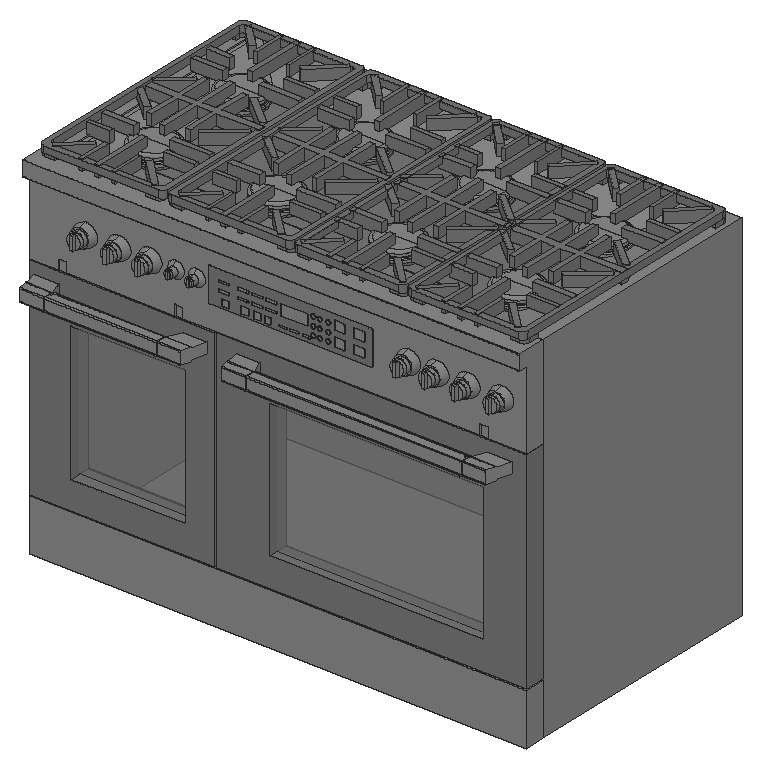
Revit family "DOP48M96D_Revit", category Specialty Equipment, Revit 2014 (continued)
Forms (in)
  Extrusion 41, solid, material "Stainless Steel" <- "Handle"
    sketch origin (-20.25, 0, 0) x (0, 1, 0) y (0, 0, -1)
      loop
        arc (-15.41892, -26.3408) -> (-15.39899, -26.32755) -> (-15.37548, -26.32305) r 0.06061
        line (-15.37548, -26.32305) -> (-15.14353, -26.19973)
        arc (-15.14353, -26.19973) -> (-14.91091, -25.83314) -> (-15.1067, -25.44563) r 0.43946
        line (-15.1067, -25.44563) -> (-15.37547, -25.26711)
        arc (-15.37547, -25.26711) -> (-15.39975, -25.26442) -> (-15.42044, -25.25144) r 0.05475
        line (-15.42044, -25.25144) -> (-15.47855, -25.19334)
        arc (-15.47855, -25.19334) -> (-15.5023, -25.17747) -> (-15.53032, -25.1719) r 0.07322
        line (-15.53032, -25.1719) -> (-16.42838, -25.1719)
        arc (-16.42838, -25.1719) -> (-16.47902, -25.19288) -> (-16.5, -25.24352) r 0.07162
        line (-16.5, -25.24352) -> (-16.5, -26.34725)
        arc (-16.5, -26.34725) -> (-16.47815, -26.4) -> (-16.4254, -26.42185) r 0.0746
        line (-16.4254, -26.42185) -> (-15.53529, -26.42185)
    from -10.44711 to 0.44711
  Extrusion 42, solid, material "Plastic-Black" <- "Door"
    sketch origin (0, 0, 0) x (1, 0, 0) y (0, 0, 1)
      loop
        line (-24, 27.42187) -> (-24, 7.10914) -> (-6.125, 7.10914) -> (-6.125, 27.42187) -> (-24, 27.42187)
      loop
        line (24, 7.10914) -> (24, 27.42187) -> (-6, 27.42187) -> (-6, 7.10914) -> (24, 7.10914)
      loop
        line (-0.88482, 23.12749) -> (-0.88482, 9.87749) -> (19.83246, 9.87749) -> (19.83246, 23.12749) -> (-0.88482, 23.12749)
      loop
        line (-20.04254, 23.12749) -> (-20.04254, 9.79033) -> (-8.99618, 9.79033) -> (-8.99618, 23.12749) -> (-20.04254, 23.12749)
    from 14 to 12
  Extrusion 43, solid, material "Stainless Steel" <- "Adjustment"
    sketch origin (-2.375, 0, -0.625) x (1, 0, 0) y (0, 0, 1)
      loop
        line (14.85979, 32.78048) -> (14.85979, 31.48023) -> (15.16074, 31.48023) -> (15.16074, 32.78048) -> (14.85979, 32.78048)
    from 15.76036 to 15.47236
  Revolve 44, solid, material "Stainless Steel" <- "Adjustment"
    sketch origin (12.625, 0, -0.625) x (0, 1, 0) y (0, 0, 1)
      loop
        line (-14, 33.20096) -> (-14.75, 33) -> (-14.75, 32.86263) -> (-15.13851, 32.86263) -> (-15.13851, 32.79538) -> (-15.47236, 32.79538) -> (-15.47236, 32.12798) -> (-14, 32.12798) -> (-14, 33.20096)
      axis (-15.47236, 32.12798) -> (-14, 32.12798)
    angle from 0 to 360
  Revolve 45, solid, material "Stainless Steel" <- "Adjustment"
    sketch origin (-9.875, 0, 0) x (0, 1, 0) y (0, 0, 1)
      loop
        line (-14.02195, 32.33059) -> (-14.38428, 31.96826) -> (-14.875, 31.96826) -> (-14.875, 31.89977) -> (-15.04207, 31.89977) -> (-15.04207, 31.55664) -> (-14.02195, 31.55664) -> (-14.02195, 32.33059)
      axis (-15.04207, 31.55664) -> (-14.02195, 31.55664)
    angle from 0 to 360
  Extrusion 46, solid, material "Stainless Steel" <- "Adjustment"
    sketch origin (0, 0, 0) x (1, 0, 0) y (0, 0, 1)
      loop
        line (-9.94876, 31.87829) -> (-9.94876, 31.21591) -> (-9.80432, 31.21591) -> (-9.80432, 31.87829) -> (-9.94876, 31.87829)
    from 14.95987 to 15.13851
  Revolve 47, solid, material "Stainless Steel" <- "Adjustment"
    sketch origin (-7.875, 0, 0) x (0, 1, 0) y (0, 0, 1)
      loop
        line (-14.02195, 32.33059) -> (-14.38428, 31.96826) -> (-14.875, 31.96826) -> (-14.875, 31.89977) -> (-15.04207, 31.89977) -> (-15.04207, 31.55664) -> (-14.02195, 31.55664) -> (-14.02195, 32.33059)
      axis (-15.04207, 31.55664) -> (-14.02195, 31.55664)
    angle from 0 to 360
  Extrusion 48, solid, material "Stainless Steel" <- "Adjustment"
    sketch origin (2, 0, 0) x (1, 0, 0) y (0, 0, 1)
      loop
        line (-9.94876, 31.87829) -> (-9.94876, 31.21591) -> (-9.80432, 31.21591) -> (-9.80432, 31.87829) -> (-9.94876, 31.87829)
    from 14.95987 to 15.13851
  Revolve 49, solid, material "Stainless Steel" <- "Gas Burner"
    sketch origin (-8.625, -6.625, -1.375) x (1, 0, 0) y (0, 0, 1)
      loop
        line (-9.25, 35.76944) -> (-9.25, 38.03125) -> (-11.25, 38.03125)
        arc (-11.25, 38.03125) -> (-11.42678, 37.95803) -> (-11.5, 37.78125) r 0.25
        line (-11.5, 37.78125) -> (-11.5, 37.53125) -> (-11.37023, 37.40148)
        arc (-11.37023, 37.40148) -> (-11.35076, 37.35447) -> (-11.37023, 37.30747) r 0.06647
        line (-11.37023, 37.30747) -> (-11.5, 37.1777) -> (-11.5, 36.94183)
        arc (-11.5, 36.94183) -> (-11.44834, 36.78964) -> (-11.3147, 36.70035) r 0.25
        line (-11.3147, 36.70035) -> (-10.77556, 36.55589) -> (-10.3215, 35.76944) -> (-9.25, 35.76944)
      axis (-9.25, 35.76944) -> (-9.25, 38.03125)
    angle from 0 to 360
  Revolve 50, solid, material "Stainless Steel" <- "Gas Burner"
    sketch origin (-8.625, 3.875, -1.375) x (1, 0, 0) y (0, 0, -1)
      loop
        line (-9.25, -35.76944) -> (-10.3215, -35.76944) -> (-10.77556, -36.55589) -> (-11.3147, -36.70035)
        arc (-11.3147, -36.70035) -> (-11.44834, -36.78964) -> (-11.5, -36.94183) r 0.25
        line (-11.5, -36.94183) -> (-11.5, -37.1777) -> (-11.37023, -37.30747)
        arc (-11.37023, -37.30747) -> (-11.35076, -37.35447) -> (-11.37023, -37.40148) r 0.06647
        line (-11.37023, -37.40148) -> (-11.5, -37.53125) -> (-11.5, -37.78125)
        arc (-11.5, -37.78125) -> (-11.42678, -37.95803) -> (-11.25, -38.03125) r 0.25
        line (-11.25, -38.03125) -> (-9.25, -38.03125) -> (-9.25, -35.76944)
      axis (-9.25, -35.76944) -> (-9.25, -38.03125)
    angle from 0 to 360
  Revolve 51, solid, material "Stainless Steel" <- "Gas Burner"
    sketch origin (-3.5, -6.625, -1.375) x (-1, 0, 0) y (0, 0, -1)
      loop
        line (-9.25, -35.76944) -> (-10.3215, -35.76944) -> (-10.77556, -36.55589) -> (-11.3147, -36.70035)
        arc (-11.3147, -36.70035) -> (-11.44834, -36.78964) -> (-11.5, -36.94183) r 0.25
        line (-11.5, -36.94183) -> (-11.5, -37.1777) -> (-11.37023, -37.30747)
        arc (-11.37023, -37.30747) -> (-11.35076, -37.35447) -> (-11.37023, -37.40148) r 0.06647
        line (-11.37023, -37.40148) -> (-11.5, -37.53125) -> (-11.5, -37.78125)
        arc (-11.5, -37.78125) -> (-11.42678, -37.95803) -> (-11.25, -38.03125) r 0.25
        line (-11.25, -38.03125) -> (-9.25, -38.03125) -> (-9.25, -35.76944)
      axis (-9.25, -35.76944) -> (-9.25, -38.03125)
    angle from 0 to 360
  Revolve 52, solid, material "Stainless Steel" <- "Gas Burner"
    sketch origin (-3.5, 3.875, -1.375) x (-1, 0, 0) y (0, 0, 1)
      loop
        line (-9.25, 35.76944) -> (-9.25, 38.03125) -> (-11.25, 38.03125)
        arc (-11.25, 38.03125) -> (-11.42678, 37.95803) -> (-11.5, 37.78125) r 0.25
        line (-11.5, 37.78125) -> (-11.5, 37.53125) -> (-11.37023, 37.40148)
        arc (-11.37023, 37.40148) -> (-11.35076, 37.35447) -> (-11.37023, 37.30747) r 0.06647
        line (-11.37023, 37.30747) -> (-11.5, 37.1777) -> (-11.5, 36.94183)
        arc (-11.5, 36.94183) -> (-11.44834, 36.78964) -> (-11.3147, 36.70035) r 0.25
        line (-11.3147, 36.70035) -> (-10.77556, 36.55589) -> (-10.3215, 35.76944) -> (-9.25, 35.76944)
      axis (-9.25, 35.76944) -> (-9.25, 38.03125)
    angle from 0 to 360
  Revolve 53, solid, material "Stainless Steel" <- "Gas Burner"
    sketch origin (-15.25, -6.625, -1.375) x (-1, 0, 0) y (0, 0, -1)
      loop
        line (-9.25, -35.76944) -> (-10.3215, -35.76944) -> (-10.77556, -36.55589) -> (-11.3147, -36.70035)
        arc (-11.3147, -36.70035) -> (-11.44834, -36.78964) -> (-11.5, -36.94183) r 0.25
        line (-11.5, -36.94183) -> (-11.5, -37.1777) -> (-11.37023, -37.30747)
        arc (-11.37023, -37.30747) -> (-11.35076, -37.35447) -> (-11.37023, -37.40148) r 0.06647
        line (-11.37023, -37.40148) -> (-11.5, -37.53125) -> (-11.5, -37.78125)
        arc (-11.5, -37.78125) -> (-11.42678, -37.95803) -> (-11.25, -38.03125) r 0.25
        line (-11.25, -38.03125) -> (-9.25, -38.03125) -> (-9.25, -35.76944)
      axis (-9.25, -35.76944) -> (-9.25, -38.03125)
    angle from 0 to 360
  Revolve 54, solid, material "Stainless Steel" <- "Gas Burner"
    sketch origin (-15.25, 3.875, -1.375) x (-1, 0, 0) y (0, 0, 1)
      loop
        line (-9.25, 35.76944) -> (-9.25, 38.03125) -> (-11.25, 38.03125)
        arc (-11.25, 38.03125) -> (-11.42678, 37.95803) -> (-11.5, 37.78125) r 0.25
        line (-11.5, 37.78125) -> (-11.5, 37.53125) -> (-11.37023, 37.40148)
        arc (-11.37023, 37.40148) -> (-11.35076, 37.35447) -> (-11.37023, 37.30747) r 0.06647
        line (-11.37023, 37.30747) -> (-11.5, 37.1777) -> (-11.5, 36.94183)
        arc (-11.5, 36.94183) -> (-11.44834, 36.78964) -> (-11.3147, 36.70035) r 0.25
        line (-11.3147, 36.70035) -> (-10.77556, 36.55589) -> (-10.3215, 35.76944) -> (-9.25, 35.76944)
      axis (-9.25, 35.76944) -> (-9.25, 38.03125)
    angle from 0 to 360
  Revolve 55, solid, material "Stainless Steel" <- "Gas Burner"
    sketch origin (8, -6.625, -1.375) x (-1, 0, 0) y (0, 0, -1)
      loop
        line (-9.25, -35.76944) -> (-10.3215, -35.76944) -> (-10.77556, -36.55589) -> (-11.3147, -36.70035)
        arc (-11.3147, -36.70035) -> (-11.44834, -36.78964) -> (-11.5, -36.94183) r 0.25
        line (-11.5, -36.94183) -> (-11.5, -37.1777) -> (-11.37023, -37.30747)
        arc (-11.37023, -37.30747) -> (-11.35076, -37.35447) -> (-11.37023, -37.40148) r 0.06647
        line (-11.37023, -37.40148) -> (-11.5, -37.53125) -> (-11.5, -37.78125)
        arc (-11.5, -37.78125) -> (-11.42678, -37.95803) -> (-11.25, -38.03125) r 0.25
        line (-11.25, -38.03125) -> (-9.25, -38.03125) -> (-9.25, -35.76944)
      axis (-9.25, -35.76944) -> (-9.25, -38.03125)
    angle from 0 to 360
  Revolve 56, solid, material "Stainless Steel" <- "Gas Burner"
    sketch origin (8, 3.875, -1.375) x (-1, 0, 0) y (0, 0, 1)
      loop
        line (-9.25, 35.76944) -> (-9.25, 38.03125) -> (-11.25, 38.03125)
        arc (-11.25, 38.03125) -> (-11.42678, 37.95803) -> (-11.5, 37.78125) r 0.25
        line (-11.5, 37.78125) -> (-11.5, 37.53125) -> (-11.37023, 37.40148)
        arc (-11.37023, 37.40148) -> (-11.35076, 37.35447) -> (-11.37023, 37.30747) r 0.06647
        line (-11.37023, 37.30747) -> (-11.5, 37.1777) -> (-11.5, 36.94183)
        arc (-11.5, 36.94183) -> (-11.44834, 36.78964) -> (-11.3147, 36.70035) r 0.25
        line (-11.3147, 36.70035) -> (-10.77556, 36.55589) -> (-10.3215, 35.76944) -> (-9.25, 35.76944)
      axis (-9.25, 35.76944) -> (-9.25, 38.03125)
    angle from 0 to 360
Cuts and joins
  joined: Extrusion 1, Extrusion 18, Extrusion 29
  Blend 24 cuts Blend 23
  Blend 24 cuts Extrusion 25
  Blend 24 cuts Extrusion 27
  Blend 24 cuts Extrusion 28
  Extrusion 33, Extrusion 38, Extrusion 40 cuts Extrusion 2
  Extrusion 33, Extrusion 38 cuts Extrusion 32
  Extrusion 33, Extrusion 38, Extrusion 40 cuts Extrusion 36
  Extrusion 35, Extrusion 40 cuts Extrusion 34
  Extrusion 38 cuts Extrusion 37
  Extrusion 38 cuts Extrusion 41
  Extrusion 40 cuts Extrusion 39
Dimensions and locks (in)
  equal spacing: plane 6, plane 3 "Center (Left/Right)", plane 7
  "Width": plane 6 to plane 7
  equal spacing: plane 4, plane 1 "Center (Front/Back)", plane 5
  "Depth": plane 4 to plane 5
  "Height": plane 8 to plane 2
  plane 5 to plane 4 = 24"
  plane 9 to plane 4 = 26"
  plane 11 to plane 4 = 26 7/8"
  plane 12 to plane 4 = 28 1/2"
  locked: plane 13 to plane 8 at 1.0625
  locked: plane 8 to plane 14 at 1.5
  Extrusion 2 sketch curve to Extrusion 2 sketch curve = 9"
  aligned and locked: level to plane 2
  aligned and locked: plane 4 to Extrusion 1
  aligned and locked: Extrusion 1 to plane 5
  aligned and locked: Extrusion 2 to plane 6
  aligned and locked: plane 7 to Extrusion 2
  aligned and locked: Extrusion 27 to Extrusion 26
Automatic sketch dimensions
  Extrusion 1 sketch curve to plane 6 = 0"
  Extrusion 1 sketch curve to plane 8 = 0"  (x2)
  Extrusion 1 sketch curve to plane 7 = 0"
  Extrusion 1 sketch curve to plane 10 = 0"
  plane 6 to Extrusion 1 sketch curve = 0.54402"
  Extrusion 1 sketch curve to plane 7 = 0.33098"
  plane 10 to Extrusion 1 sketch curve = 0.38848"
  Extrusion 2 sketch curve to plane 11 = 0"
  Extrusion 2 sketch curve to plane 8 = 0"
  Extrusion 2 sketch curve to plane 14 = 0"
  Extrusion 2 sketch curve to plane 9 = 0"  (x2)
  Extrusion 2 sketch curve to plane 5 = 0"  (x2)
  plane 11 to Extrusion 2 sketch curve = 0.03053"
  Extrusion 2 sketch curve to Extrusion 2 sketch curve = 1/32"  (x2)
  plane 10 to Extrusion 2 sketch curve = 4.96852"
  Extrusion 2 sketch curve to plane 10 = 0.03148"
  plane 6 to Extrusion 3 sketch curve = 3.95746"
  Extrusion 3 sketch curve to plane 3 "Center (Left/Right)" = 8.99618"
  Extrusion 3 sketch curve to plane 3 "Center (Left/Right)" = 0.88482"
  Extrusion 3 sketch curve to plane 7 = 4.16754"
  plane 10 to Extrusion 3 sketch curve = 7.87749"  (x2)
  Extrusion 3 sketch curve to plane 14 = 11.87251"
  Extrusion 3 sketch curve to Extrusion 3 sketch curve = 0"
  Revolve 4 sketch curve to plane 10 = 0"
  Revolve 4 sketch curve to level = 0"
  plane 5 to Revolve 4 sketch curve = 1 3/4"
  level to Revolve 4 sketch curve = 0.64613"
  Revolve 4 sketch curve to Revolve 4 sketch curve = 0.10387"  (x2)
  Revolve 4 sketch curve to Revolve 4 sketch curve = 0.04885"
  Revolve 4 sketch curve to Revolve 4 sketch curve = 0.71521"
  level to Revolve 4 sketch curve = 0.08461"
  Revolve 4 sketch curve to Revolve 4 sketch curve = 0.61135"
  Revolve 4 sketch curve to Revolve 4 sketch curve = 0.35387"
  Revolve 4 sketch curve to plane 10 = 0.38394"
  plane 10 to Revolve 5 sketch curve = 0.02133"
  plane 5 to Revolve 5 sketch curve = 1.75446"
  level to Revolve 5 sketch curve = 0.66746"
  Revolve 5 sketch curve to Revolve 5 sketch curve = 0.10387"  (x2)
  level to Revolve 5 sketch curve = 0.02133"
  Revolve 5 sketch curve to Revolve 5 sketch curve = 0.04885"
  Revolve 5 sketch curve to Revolve 5 sketch curve = 0.71521"
  Revolve 5 sketch curve to Revolve 5 sketch curve = 0.08461"
  Revolve 5 sketch curve to Revolve 5 sketch curve = 0.61135"
  Revolve 5 sketch curve to plane 10 = 0.36261"
  Revolve 5 sketch curve to Revolve 5 sketch curve = 0.61606"
  Revolve 6 sketch curve to plane 10 = 0"
  Revolve 6 sketch curve to level = 0"
  Revolve 6 sketch curve to plane 4 = 1 3/4"
  level to Revolve 6 sketch curve = 0.64613"
  Revolve 6 sketch curve to Revolve 6 sketch curve = 0.10387"  (x2)
  Revolve 6 sketch curve to Revolve 6 sketch curve = 0.04885"
  Revolve 6 sketch curve to Revolve 6 sketch curve = 0.71521"
  level to Revolve 6 sketch curve = 0.08461"
  Revolve 6 sketch curve to Revolve 6 sketch curve = 0.61135"
  Revolve 6 sketch curve to plane 10 = 0.38394"
  Revolve 6 sketch curve to Revolve 6 sketch curve = 0.61606"
  plane 10 to Revolve 7 sketch curve = 0.02133"
  Revolve 7 sketch curve to plane 4 = 1.74554"
  level to Revolve 7 sketch curve = 0.66746"
  Revolve 7 sketch curve to Revolve 7 sketch curve = 0.10387"  (x2)
  level to Revolve 7 sketch curve = 0.02133"
  Revolve 7 sketch curve to Revolve 7 sketch curve = 0.04885"
  Revolve 7 sketch curve to Revolve 7 sketch curve = 0.71521"
  Revolve 7 sketch curve to Revolve 7 sketch curve = 0.08461"
  Revolve 7 sketch curve to Revolve 7 sketch curve = 0.61135"
  Revolve 7 sketch curve to Revolve 7 sketch curve = 0.35387"
  Revolve 7 sketch curve to plane 10 = 0.36261"
  Revolve 8 sketch curve to plane 9 = 0"
  plane 11 to Revolve 8 sketch curve = 1/8"
  Revolve 8 sketch curve to plane 11 = 0.26351"
  Revolve 8 sketch curve to Revolve 8 sketch curve = 0.33385"
  Revolve 8 sketch curve to plane 14 = 3.49702"
  Revolve 8 sketch curve to Revolve 8 sketch curve = 0.6674"
  Revolve 8 sketch curve to Revolve 8 sketch curve = 0.06726"
  Revolve 8 sketch curve to Revolve 8 sketch curve = 0.13737"
  Revolve 8 sketch curve to Revolve 8 sketch curve = 0.20096"
  Revolve 8 sketch curve to plane 9 = 1/4"
  Revolve 8 sketch curve to plane 11 = 1/8"
  Revolve 8 sketch curve to Revolve 8 sketch curve = 0"
  Extrusion 9 sketch curve to plane 14 = 4.14477"
  Extrusion 9 sketch curve to plane 7 = 8.76521"
  Extrusion 9 sketch curve to Extrusion 9 sketch curve = 0.30095"
  Extrusion 9 sketch curve to Extrusion 9 sketch curve = 1.30026"
  Revolve 10 sketch curve to plane 9 = 0"
  plane 11 to Revolve 10 sketch curve = 1/8"
  Revolve 10 sketch curve to plane 11 = 0.26351"
  Revolve 10 sketch curve to Revolve 10 sketch curve = 0.33385"
  Revolve 10 sketch curve to plane 14 = 3.49702"
  Revolve 10 sketch curve to Revolve 10 sketch curve = 0.6674"
  Revolve 10 sketch curve to Revolve 10 sketch curve = 0.06726"
  Revolve 10 sketch curve to Revolve 10 sketch curve = 0.13737"
  Revolve 10 sketch curve to Revolve 10 sketch curve = 0.20096"
  Revolve 10 sketch curve to plane 9 = 1/4"
  Revolve 10 sketch curve to plane 11 = 1/8"
  Revolve 10 sketch curve to Revolve 10 sketch curve = 0"
  Extrusion 11 sketch curve to plane 7 = 5.82771"
  Extrusion 11 sketch curve to Extrusion 11 sketch curve = 0.30095"
  Extrusion 11 sketch curve to plane 14 = 4.14477"
  Extrusion 11 sketch curve to Extrusion 11 sketch curve = 1.30026"
  Revolve 12 sketch curve to plane 9 = 0"
  plane 11 to Revolve 12 sketch curve = 1/8"
  Revolve 12 sketch curve to plane 11 = 0.26351"
  Revolve 12 sketch curve to Revolve 12 sketch curve = 0.33385"
  Revolve 12 sketch curve to plane 14 = 2.42404"
  Revolve 12 sketch curve to Revolve 12 sketch curve = 0.20096"
  Revolve 12 sketch curve to Revolve 12 sketch curve = 0.13737"
  Revolve 12 sketch curve to Revolve 12 sketch curve = 0.06726"
  Revolve 12 sketch curve to Revolve 12 sketch curve = 0.6674"
  Revolve 12 sketch curve to Revolve 12 sketch curve = 1/4"
  Revolve 12 sketch curve to plane 11 = 1/8"
  Revolve 12 sketch curve to Revolve 12 sketch curve = 0"
  plane 14 to Extrusion 13 sketch curve = 4.14477"
  Extrusion 13 sketch curve to plane 6 = 11.79646"
  Extrusion 13 sketch curve to Extrusion 13 sketch curve = 0.30095"
  Extrusion 13 sketch curve to Extrusion 13 sketch curve = 1.30026"
  Revolve 14 sketch curve to plane 9 = 0"
  plane 11 to Revolve 14 sketch curve = 1/8"
  Revolve 14 sketch curve to plane 11 = 0.26351"
  Revolve 14 sketch curve to Revolve 14 sketch curve = 0.33385"
  Revolve 14 sketch curve to plane 14 = 2.42404"
  Revolve 14 sketch curve to Revolve 14 sketch curve = 0.20096"
  Revolve 14 sketch curve to Revolve 14 sketch curve = 0.13737"
  Revolve 14 sketch curve to Revolve 14 sketch curve = 0.06726"
  Revolve 14 sketch curve to Revolve 14 sketch curve = 0.6674"
  Revolve 14 sketch curve to Revolve 14 sketch curve = 1/4"
  Revolve 14 sketch curve to plane 11 = 1/8"
  Revolve 14 sketch curve to Revolve 14 sketch curve = 0"
  plane 14 to Extrusion 15 sketch curve = 4.14477"
  Extrusion 15 sketch curve to plane 6 = 8.76521"
  Extrusion 15 sketch curve to Extrusion 15 sketch curve = 0.30095"
  Extrusion 15 sketch curve to Extrusion 15 sketch curve = 1.30026"
  Extrusion 16 sketch curve to plane 3 "Center (Left/Right)" = 6.76654"
  Extrusion 16 sketch curve to Extrusion 16 sketch curve = 0.20684"  (x17)
  Extrusion 16 sketch curve to Extrusion 16 sketch curve = 0.78686"
  Extrusion 16 sketch curve to Extrusion 16 sketch curve = 0"  (x19)
  Extrusion 16 sketch curve to Extrusion 16 sketch curve = 1.11799"
  Extrusion 16 sketch curve to Extrusion 16 sketch curve = 0.70305"  (x3)
  Extrusion 16 sketch curve to Extrusion 16 sketch curve = 0.82735"  (x7)
  Extrusion 16 sketch curve to Extrusion 16 sketch curve = 1.15849"
  Extrusion 16 sketch curve to Extrusion 16 sketch curve = 1.03419"  (x4)
  Extrusion 16 sketch curve to Extrusion 16 sketch curve = 0.3413"  (x2)
  Extrusion 16 sketch curve to Extrusion 16 sketch curve = 0.53819"
  Extrusion 16 sketch curve to Extrusion 16 sketch curve = 0.6368"
  Extrusion 16 sketch curve to Extrusion 16 sketch curve = 0.23614"
  Extrusion 16 sketch curve to Extrusion 16 sketch curve = 0.40755"
  Extrusion 16 sketch curve to Extrusion 16 sketch curve = 0.30337"  (x2)
  Extrusion 16 sketch curve to Extrusion 16 sketch curve = 0.58586"
  Extrusion 16 sketch curve to plane 3 "Center (Left/Right)" = 0.14373"  (x2)
  plane 3 "Center (Left/Right)" to Extrusion 16 sketch curve = 0.0114"
  plane 3 "Center (Left/Right)" to Extrusion 16 sketch curve = 0.27704"
  Extrusion 16 sketch curve to Extrusion 16 sketch curve = 0.84826"
  Extrusion 16 sketch curve to Extrusion 16 sketch curve = 0.26891"
  Extrusion 16 sketch curve to Extrusion 16 sketch curve = 0.81954"
  Extrusion 16 sketch curve to Extrusion 16 sketch curve = 0.44299"
  Extrusion 16 sketch curve to Extrusion 16 sketch curve = 0.43285"
  Extrusion 16 sketch curve to Extrusion 16 sketch curve = 0.73094"
  Extrusion 16 sketch curve to Extrusion 16 sketch curve = 0.56388"  (x2)
  Extrusion 16 sketch curve to Extrusion 16 sketch curve = 0.2658"
  Extrusion 16 sketch curve to Extrusion 16 sketch curve = 0.62051"  (x6)
  Extrusion 16 sketch curve to Extrusion 16 sketch curve = 0.5899"  (x2)
  Extrusion 16 sketch curve to Extrusion 16 sketch curve = 0.63182"  (x2)
  Extrusion 16 sketch curve to plane 14 = 5.22963"
  Extrusion 16 sketch curve to Extrusion 16 sketch curve = 0.00591"
  Extrusion 16 sketch curve to Extrusion 16 sketch curve = 0.14617"  (x2)
  Extrusion 16 sketch curve to Extrusion 16 sketch curve = 0.15505"  (x3)
  Extrusion 16 sketch curve to Extrusion 16 sketch curve = 0.2953"
  Extrusion 16 sketch curve to Extrusion 16 sketch curve = 0.61133"  (x3)
  Extrusion 16 sketch curve to Extrusion 16 sketch curve = 0.51961"  (x3)
  Extrusion 16 sketch curve to Extrusion 16 sketch curve = 0.82973"  (x2)
  Extrusion 16 sketch curve to Extrusion 16 sketch curve = 0.60219"  (x2)
  Extrusion 16 sketch curve to Extrusion 16 sketch curve = 0.432"
  Extrusion 16 sketch curve to Extrusion 16 sketch curve = 0.34117"
  Extrusion 17 sketch curve to Extrusion 16 = 0"  (x72)
  Extrusion 16 to Extrusion 17 sketch curve = 0"  (x8)
  Extrusion 18 sketch curve to Extrusion 1 = 0"  (x4)
  Revolve 19 sketch curve to plane 9 = 0"
  plane 11 to Revolve 19 sketch curve = 1/8"
  Revolve 19 sketch curve to plane 11 = 0.26351"
  Revolve 19 sketch curve to Revolve 19 sketch curve = 0.33385"
  Revolve 19 sketch curve to plane 14 = 3.49702"
  Revolve 19 sketch curve to Revolve 19 sketch curve = 0.6674"
  Revolve 19 sketch curve to Revolve 19 sketch curve = 0.06726"
  Revolve 19 sketch curve to Revolve 19 sketch curve = 0.13737"
  Revolve 19 sketch curve to Revolve 19 sketch curve = 0.20096"
  Revolve 19 sketch curve to plane 9 = 1/4"
  Revolve 19 sketch curve to plane 11 = 1/8"
  Revolve 19 sketch curve to Revolve 19 sketch curve = 0"
  Extrusion 20 sketch curve to plane 7 = 2.57771"
  Extrusion 20 sketch curve to Extrusion 20 sketch curve = 0.30095"
  Extrusion 20 sketch curve to plane 14 = 4.14477"
  Extrusion 20 sketch curve to Extrusion 20 sketch curve = 1.30026"
  Revolve 21 sketch curve to plane 9 = 0"
  plane 11 to Revolve 21 sketch curve = 1/8"
  Revolve 21 sketch curve to plane 11 = 0.26351"
  Revolve 21 sketch curve to Revolve 21 sketch curve = 0.33385"
  Revolve 21 sketch curve to plane 14 = 2.42404"
  Revolve 21 sketch curve to Revolve 21 sketch curve = 0.20096"
  Revolve 21 sketch curve to Revolve 21 sketch curve = 0.13737"
  Revolve 21 sketch curve to Revolve 21 sketch curve = 0.06726"
  Revolve 21 sketch curve to Revolve 21 sketch curve = 0.6674"
  Revolve 21 sketch curve to Revolve 21 sketch curve = 1/4"
  Revolve 21 sketch curve to plane 11 = 1/8"
  Revolve 21 sketch curve to Revolve 21 sketch curve = 0"
  Extrusion 22 sketch curve to plane 6 = 5.51521"
  Extrusion 22 sketch curve to Extrusion 22 sketch curve = 0.30095"
  plane 14 to Extrusion 22 sketch curve = 4.14477"
  Extrusion 22 sketch curve to Extrusion 22 sketch curve = 1.30026"
  Blend 23 sketch curve to plane 5 = 0"
  Blend 23 sketch curve to plane 4 = 0.60405"
  plane 6 to Blend 23 sketch curve = 1.50114"
  Blend 23 sketch curve to plane 7 = 1.36956"
  plane 6 to Blend 23 sketch curve = 4.40712"
  Blend 23 sketch curve to plane 7 = 4.84288"
  plane 5 to Blend 23 sketch curve = 2.80878"
  Blend 23 sketch curve to plane 4 = 4.19122"
  Blend 24 sketch curve to plane 5 = 0"
  Blend 24 sketch curve to plane 4 = 0.60405"
  plane 6 to Blend 24 sketch curve = 2.00114"
  Blend 24 sketch curve to plane 7 = 2.11956"
  plane 6 to Blend 24 sketch curve = 6.60652"
  Blend 24 sketch curve to plane 7 = 6.39348"
  plane 5 to Blend 24 sketch curve = 3.54791"
  Blend 24 sketch curve to plane 4 = 4.93035"
  Blend 23 to Extrusion 25 sketch curve = 0.73913"  (x2)
  Blend 23 to Extrusion 25 sketch curve = 1/2"
  Blend 23 to Extrusion 25 sketch curve = 1"
  plane 6 to Extrusion 26 sketch curve = 0.5074"
  Extrusion 26 sketch curve to Extrusion 26 sketch curve = 0.48299"  (x19)
  plane 9 to Extrusion 26 sketch curve = 0.43189"  (x4)
  Extrusion 26 sketch curve to Extrusion 26 sketch curve = 0.01898"  (x2)
  Extrusion 26 sketch curve to plane 5 = 0.99727"
  Extrusion 26 sketch curve to Extrusion 26 sketch curve = 10.08249"  (x2)
  Extrusion 26 sketch curve to plane 4 = 2.05508"  (x3)
  Extrusion 26 sketch curve to Extrusion 26 sketch curve = 0.48187"  (x6)
  Extrusion 26 sketch curve to Extrusion 26 sketch curve = 0.28402"
  Extrusion 26 sketch curve to Extrusion 26 sketch curve = 0.50197"  (x6)
  Extrusion 26 sketch curve to plane 3 "Center (Left/Right)" = 0.10881"  (x2)
  plane 3 "Center (Left/Right)" to Extrusion 26 sketch curve = 0.37306"  (x2)
  plane 3 "Center (Left/Right)" to Extrusion 26 sketch curve = 0.37418"
  Extrusion 26 sketch curve to Extrusion 26 sketch curve = 0.18112"
  Extrusion 26 sketch curve to Extrusion 26 sketch curve = 8.81463"  (x2)
  Extrusion 26 sketch curve to plane 5 = 0.51428"
  Extrusion 26 sketch curve to Extrusion 26 sketch curve = 0.22364"
  Extrusion 26 sketch curve to plane 7 = 1.59148"  (x2)
  Extrusion 26 sketch curve to Extrusion 26 sketch curve = 0.08784"  (x2)
  Extrusion 26 sketch curve to Extrusion 26 sketch curve = 0"  (x2)
  Extrusion 26 sketch curve to Extrusion 26 sketch curve = 0.05314"  (x2)
  Extrusion 26 sketch curve to Extrusion 26 sketch curve = 0.53614"
  plane 5 to Extrusion 27 sketch curve = 0.00958"  (x8)
  plane 6 to Extrusion 27 sketch curve = 0.51237"  (x2)
  plane 9 to Extrusion 27 sketch curve = 0.54155"  (x8)
  Extrusion 27 sketch curve to Extrusion 27 sketch curve = 1/2"  (x21)
  Extrusion 27 sketch curve to Extrusion 27 sketch curve = 0.51964"  (x17)
  Extrusion 27 sketch curve to Extrusion 27 sketch curve = 0.38691"  (x14)
  Extrusion 27 sketch curve to Extrusion 27 sketch curve = 8.85118"  (x2)
  Extrusion 27 sketch curve to plane 4 = 0.97905"
  Extrusion 27 sketch curve to Extrusion 27 sketch curve = 0.64707"  (x2)
  Extrusion 27 sketch curve to Extrusion 27 sketch curve = 0.01964"  (x6)
  Extrusion 27 sketch curve to plane 3 "Center (Left/Right)" = 0.54353"  (x2)
  Extrusion 27 sketch curve to plane 3 "Center (Left/Right)" = 0.15662"  (x2)
  plane 3 "Center (Left/Right)" to Extrusion 27 sketch curve = 0.34338"  (x2)
  plane 3 "Center (Left/Right)" to Extrusion 27 sketch curve = 0.36303"  (x2)
  Extrusion 27 sketch curve to Extrusion 27 sketch curve = 0.27435"  (x2)
  Extrusion 27 sketch curve to Extrusion 27 sketch curve = 7.75095"
  Extrusion 27 sketch curve to plane 4 = 1.53406"
  Extrusion 27 sketch curve to Extrusion 27 sketch curve = 7.85118"
  Extrusion 27 sketch curve to Extrusion 27 sketch curve = 0.22699"
  Extrusion 27 sketch curve to Extrusion 27 sketch curve = 0.42744"
  Extrusion 27 sketch curve to plane 7 = 1.96361"  (x2)
  Extrusion 27 sketch curve to plane 5 = 0.90344"
  Extrusion 27 sketch curve to Extrusion 27 sketch curve = 0.55501"  (x8)
  Extrusion 27 sketch curve to Extrusion 27 sketch curve = 0.05501"  (x5)
  Extrusion 27 sketch curve to Extrusion 27 sketch curve = 0.41301"  (x9)
  Extrusion 27 sketch curve to plane 4 = 2.44708"  (x3)
  Extrusion 27 sketch curve to Extrusion 27 sketch curve = 0.96803"
  Extrusion 27 sketch curve to Extrusion 27 sketch curve = 0"  (x3)
  plane 6 to Extrusion 28 sketch curve = 0.86258"  (x2)
  plane 1 "Center (Front/Back)" to Extrusion 28 sketch curve = 0.33908"  (x8)
  Extrusion 28 sketch curve to Extrusion 28 sketch curve = 0.35355"  (x44)
  plane 6 to Extrusion 28 sketch curve = 1.26107"  (x6)
  Extrusion 28 sketch curve to Extrusion 28 sketch curve = 0.04494"  (x3)
  Extrusion 28 sketch curve to Extrusion 28 sketch curve = 0.34283"  (x20)
  plane 9 to Extrusion 28 sketch curve = 0.77284"  (x8)
  Extrusion 28 sketch curve to Extrusion 28 sketch curve = 1.93901"
  Extrusion 28 sketch curve to Extrusion 28 sketch curve = 2.10908"
  Extrusion 28 sketch curve to Extrusion 28 sketch curve = 2 1/4"  (x8)
  plane 5 to Extrusion 28 sketch curve = 1.39232"  (x4)
  Extrusion 28 sketch curve to Extrusion 28 sketch curve = 0.02665"  (x4)
  Extrusion 28 sketch curve to plane 1 "Center (Front/Back)" = 1.45634"
  Extrusion 28 sketch curve to Extrusion 28 sketch curve = 0.50163"
  Extrusion 28 sketch curve to Extrusion 28 sketch curve = 0.6717"
  plane 9 to Extrusion 28 sketch curve = 0.55501"  (x12)
  Extrusion 28 sketch curve to Extrusion 28 sketch curve = 0.36623"  (x8)
  Extrusion 28 sketch curve to Extrusion 28 sketch curve = 0.46763"  (x32)
  Extrusion 28 sketch curve to Extrusion 28 sketch curve = 0.84662"  (x9)
  Extrusion 28 sketch curve to Extrusion 28 sketch curve = 0.01828"  (x4)
  Extrusion 28 sketch curve to Extrusion 28 sketch curve = 0.34263"  (x16)
  Extrusion 28 sketch curve to Extrusion 28 sketch curve = 1.40737"  (x11)
  Extrusion 28 sketch curve to Extrusion 28 sketch curve = 1.15737"  (x5)
  Extrusion 28 sketch curve to Extrusion 28 sketch curve = 2.81473"  (x7)
  Extrusion 28 sketch curve to Extrusion 28 sketch curve = 1.18973"
  Extrusion 28 sketch curve to Extrusion 28 sketch curve = 0"  (x35)
  Extrusion 28 sketch curve to Extrusion 28 sketch curve = 1.6352"  (x5)
  Extrusion 28 sketch curve to Extrusion 28 sketch curve = 0.70886"  (x8)
  plane 5 to Extrusion 28 sketch curve = 1.42449"  (x2)
  Extrusion 28 sketch curve to Extrusion 28 sketch curve = 0.50401"  (x8)
  Extrusion 28 sketch curve to plane 1 "Center (Front/Back)" = 1.84429"  (x4)
  Extrusion 28 sketch curve to plane 4 = 4.33545"  (x2)
  plane 5 to Extrusion 28 sketch curve = 1.76732"  (x4)
  Extrusion 28 sketch curve to plane 1 "Center (Front/Back)" = 2.19784"  (x2)
  Extrusion 28 sketch curve to plane 4 = 1.34097"  (x4)
  Extrusion 28 sketch curve to Extrusion 28 sketch curve = 3.36051"  (x2)
  plane 1 "Center (Front/Back)" to Extrusion 28 sketch curve = 0.69263"  (x4)
  Extrusion 28 sketch curve to Extrusion 28 sketch curve = 3.46427"  (x2)
  plane 1 "Center (Front/Back)" to Extrusion 28 sketch curve = 1.8755"  (x4)
  Extrusion 28 sketch curve to Extrusion 28 sketch curve = 3"  (x4)
  plane 1 "Center (Front/Back)" to Extrusion 28 sketch curve = 2.22905"  (x4)
  Extrusion 28 sketch curve to Extrusion 28 sketch curve = 0.29017"  (x2)
  Extrusion 28 sketch curve to Extrusion 28 sketch curve = 0.91517"  (x2)
  Extrusion 28 sketch curve to Extrusion 28 sketch curve = 1.81483"  (x3)
  Extrusion 28 sketch curve to plane 4 = 1.6838"  (x2)
  Extrusion 28 sketch curve to Extrusion 28 sketch curve = 2.06095"  (x2)
  Extrusion 28 sketch curve to plane 5 = 0.88433"  (x2)
  Extrusion 28 sketch curve to plane 1 "Center (Front/Back)" = 1.74505"
  Extrusion 28 sketch curve to Extrusion 28 sketch curve = 2.03342"
  Extrusion 28 sketch curve to Extrusion 28 sketch curve = 2.11883"
  Extrusion 28 sketch curve to plane 4 = 3.96045"  (x2)
  Extrusion 28 sketch curve to plane 1 "Center (Front/Back)" = 1.3915"
  plane 1 "Center (Front/Back)" to Extrusion 28 sketch curve = 0.88568"
  Extrusion 28 sketch curve to Extrusion 28 sketch curve = 0.22374"
  Extrusion 28 sketch curve to Extrusion 28 sketch curve = 0.94946"  (x3)
  Extrusion 28 sketch curve to plane 3 "Center (Left/Right)" = 0.64271"  (x2)
  Extrusion 28 sketch curve to plane 3 "Center (Left/Right)" = 0.19632"  (x2)
  Extrusion 28 sketch curve to plane 3 "Center (Left/Right)" = 0.05376"  (x4)
  plane 3 "Center (Left/Right)" to Extrusion 28 sketch curve = 0.15724"  (x2)
  plane 3 "Center (Left/Right)" to Extrusion 28 sketch curve = 0.44741"
  Extrusion 28 sketch curve to Extrusion 28 sketch curve = 0.69311"  (x2)
  plane 3 "Center (Left/Right)" to Extrusion 28 sketch curve = 1.24884"  (x6)
  Extrusion 28 sketch curve to Extrusion 28 sketch curve = 1.86417"
  Extrusion 28 sketch curve to Extrusion 28 sketch curve = 1.99928"
  Extrusion 28 sketch curve to plane 1 "Center (Front/Back)" = 1.36224"
  Extrusion 28 sketch curve to Extrusion 28 sketch curve = 0.61143"
  Extrusion 28 sketch curve to Extrusion 28 sketch curve = 0.74654"
  Extrusion 28 sketch curve to plane 4 = 1.12314"  (x12)
  Extrusion 28 sketch curve to Extrusion 28 sketch curve = 1.38909"  (x3)
  Extrusion 28 sketch curve to Extrusion 28 sketch curve = 0.22784"  (x3)
  Extrusion 28 sketch curve to Extrusion 28 sketch curve = 0.08034"  (x2)
  Extrusion 28 sketch curve to Extrusion 28 sketch curve = 0.20983"
  Extrusion 28 sketch curve to Extrusion 28 sketch curve = 0.14372"  (x2)
  Extrusion 28 sketch curve to Extrusion 28 sketch curve = 0.68983"  (x4)
  Extrusion 28 sketch curve to Extrusion 28 sketch curve = 0.18866"
  Extrusion 28 sketch curve to Extrusion 28 sketch curve = 0.93595"  (x2)
  Extrusion 28 sketch curve to plane 1 "Center (Front/Back)" = 1.6125"
  Extrusion 28 sketch curve to Extrusion 28 sketch curve = 1.87875"
  plane 1 "Center (Front/Back)" to Extrusion 28 sketch curve = 4.30114"
  Extrusion 28 sketch curve to Extrusion 28 sketch curve = 2.01937"
  Extrusion 28 sketch curve to plane 1 "Center (Front/Back)" = 1.25894"
  plane 1 "Center (Front/Back)" to Extrusion 28 sketch curve = 3.94759"
  Extrusion 28 sketch curve to Extrusion 28 sketch curve = 0.23779"
  Extrusion 28 sketch curve to plane 7 = 1.77994"  (x2)
  Extrusion 28 sketch curve to plane 7 = 1.33355"
  Extrusion 28 sketch curve to plane 7 = 1.19099"  (x4)
  Extrusion 28 sketch curve to Extrusion 28 sketch curve = 0.2768"  (x6)
  Extrusion 28 sketch curve to Extrusion 28 sketch curve = 0.6518"  (x6)
  Extrusion 28 sketch curve to Extrusion 28 sketch curve = 1.83621"  (x2)
  Extrusion 28 sketch curve to Extrusion 28 sketch curve = 1.46121"  (x5)
  Extrusion 28 sketch curve to Extrusion 28 sketch curve = 1.52723"  (x4)
  Extrusion 28 sketch curve to Extrusion 28 sketch curve = 7/16"  (x16)
  Extrusion 28 sketch curve to Extrusion 28 sketch curve = 0.65897"  (x4)
  Extrusion 28 sketch curve to Extrusion 28 sketch curve = 1.36641"  (x12)
  Extrusion 28 sketch curve to Extrusion 28 sketch curve = 0.70743"  (x6)
  Extrusion 28 sketch curve to Extrusion 28 sketch curve = 0.5795"  (x16)
  Extrusion 28 sketch curve to Extrusion 28 sketch curve = 0.89493"  (x4)
  Extrusion 28 sketch curve to Extrusion 28 sketch curve = 1.62209"  (x6)
  Extrusion 28 sketch curve to Extrusion 28 sketch curve = 0.02284"  (x4)
  Extrusion 28 sketch curve to Extrusion 28 sketch curve = 0.44199"
  Extrusion 28 sketch curve to Extrusion 28 sketch curve = 3/4"  (x6)
  Extrusion 28 sketch curve to Extrusion 28 sketch curve = 1.64493"  (x6)
  Extrusion 28 sketch curve to Extrusion 28 sketch curve = 0.35675"
  Extrusion 28 sketch curve to Extrusion 28 sketch curve = 0.51085"
  Extrusion 28 sketch curve to Extrusion 28 sketch curve = 0.57499"
  Extrusion 28 sketch curve to Extrusion 28 sketch curve = 1.88997"  (x3)
  plane 1 "Center (Front/Back)" to Extrusion 28 sketch curve = 1.63544"  (x7)
  Extrusion 28 sketch curve to Extrusion 28 sketch curve = 0.59361"  (x3)
  Extrusion 28 sketch curve to Extrusion 28 sketch curve = 0.24006"  (x2)
  Extrusion 28 sketch curve to Extrusion 28 sketch curve = 0.70275"  (x2)
  Extrusion 28 sketch curve to Extrusion 28 sketch curve = 0.04701"  (x2)
  Extrusion 28 sketch curve to Extrusion 28 sketch curve = 0.5466"
  Extrusion 28 sketch curve to Extrusion 28 sketch curve = 0.19305"  (x2)
  Extrusion 28 sketch curve to Extrusion 28 sketch curve = 0.4592"
  Extrusion 28 sketch curve to Extrusion 28 sketch curve = 9/16"
  Extrusion 28 sketch curve to Extrusion 28 sketch curve = 0.33071"  (x4)
  Extrusion 28 sketch curve to Extrusion 28 sketch curve = 0.42995"
  Extrusion 28 sketch curve to Extrusion 28 sketch curve = 0.3651"
  Extrusion 28 sketch curve to Extrusion 28 sketch curve = 0.06603"  (x2)
  Extrusion 28 sketch curve to Extrusion 28 sketch curve = 0.30897"  (x2)
  Extrusion 29 sketch curve to plane 5 = 0"  (x2)
  plane 6 to Extrusion 29 sketch curve = 0.54402"
  Extrusion 29 sketch curve to Extrusion 29 sketch curve = 0.95712"
  Extrusion 29 sketch curve to plane 7 = 1.36956"
  Extrusion 29 sketch curve to plane 7 = 0.33098"
  Extrusion 29 sketch curve to plane 4 = 0.60405"  (x2)
  plane 10 to Revolve 30 sketch curve = 0.02133"
  plane 5 to Revolve 30 sketch curve = 1.75446"
  level to Revolve 30 sketch curve = 0.66746"
  Revolve 30 sketch curve to Revolve 30 sketch curve = 0.10387"  (x2)
  level to Revolve 30 sketch curve = 0.02133"
  Revolve 30 sketch curve to Revolve 30 sketch curve = 0.04885"
  Revolve 30 sketch curve to Revolve 30 sketch curve = 0.71521"
  Revolve 30 sketch curve to Revolve 30 sketch curve = 0.08461"
  Revolve 30 sketch curve to Revolve 30 sketch curve = 0.61135"
  Revolve 30 sketch curve to plane 10 = 0.36261"
  Revolve 30 sketch curve to Revolve 30 sketch curve = 0.61606"
  plane 10 to Revolve 31 sketch curve = 0.02133"
  Revolve 31 sketch curve to plane 4 = 1.74554"
  level to Revolve 31 sketch curve = 0.66746"
  Revolve 31 sketch curve to Revolve 31 sketch curve = 0.10387"  (x2)
  level to Revolve 31 sketch curve = 0.02133"
  Revolve 31 sketch curve to Revolve 31 sketch curve = 0.04885"
  Revolve 31 sketch curve to Revolve 31 sketch curve = 0.71521"
  Revolve 31 sketch curve to Revolve 31 sketch curve = 0.08461"
  Revolve 31 sketch curve to Revolve 31 sketch curve = 0.61135"
  Revolve 31 sketch curve to Revolve 31 sketch curve = 0.35387"
  Revolve 31 sketch curve to plane 10 = 0.36261"
  Extrusion 32 sketch curve to plane 12 = 0"
  Extrusion 32 sketch curve to plane 9 = 0"
  Extrusion 32 sketch curve to Extrusion 32 sketch curve = 0.07567"
  plane 12 to Extrusion 32 sketch curve = 0.07689"
  Extrusion 32 sketch curve to plane 11 = 0.67"
  Extrusion 32 sketch curve to plane 11 = 0.66087"
  Extrusion 32 sketch curve to Extrusion 32 sketch curve = 0.06124"
  Extrusion 32 sketch curve to Extrusion 32 sketch curve = 0.07682"
  Extrusion 32 sketch curve to Extrusion 32 sketch curve = 0.05381"
  Extrusion 32 sketch curve to Extrusion 32 sketch curve = 0.04883"
  Extrusion 32 sketch curve to Extrusion 32 sketch curve = 0.03954"  (x2)
  Extrusion 32 sketch curve to Extrusion 32 sketch curve = 0.04388"
  Extrusion 32 sketch curve to plane 14 = 9 53/64"
  Extrusion 32 sketch curve to Extrusion 32 sketch curve = 0.02537"
  Extrusion 32 sketch curve to Extrusion 32 sketch curve = 0.01427"
  Extrusion 32 sketch curve to Extrusion 32 sketch curve = 1.05476"
  Extrusion 32 sketch curve to Extrusion 32 sketch curve = 0.00981"
  Extrusion 32 sketch curve to Extrusion 32 sketch curve = 0.01818"
  Extrusion 32 sketch curve to Extrusion 32 sketch curve = 0.03297"
  Extrusion 33 sketch curve to plane 9 = 0"
  plane 9 to Extrusion 33 sketch curve = 0.04318"
  Extrusion 33 sketch curve to plane 7 = 4.50319"
  Extrusion 33 sketch curve to Extrusion 33 sketch curve = 0.81194"
  Extrusion 33 sketch curve to plane 12 = 0.28043"
  Extrusion 33 sketch curve to plane 7 = 2.04901"
  Extrusion 33 sketch curve to plane 7 = 1.43597"
  Extrusion 33 sketch curve to plane 9 = 1/8"
  Extrusion 33 sketch curve to Extrusion 33 sketch curve = 0.21651"
  plane 12 to Extrusion 33 sketch curve = 0.63036"
  Extrusion 34 sketch curve to plane 12 = 0"
  Extrusion 34 sketch curve to plane 9 = 0"
  Extrusion 34 sketch curve to Extrusion 34 sketch curve = 0.07567"
  plane 12 to Extrusion 34 sketch curve = 0.07689"
  Extrusion 34 sketch curve to plane 11 = 0.67"
  Extrusion 34 sketch curve to plane 11 = 0.66087"
  Extrusion 34 sketch curve to Extrusion 34 sketch curve = 0.06124"
  Extrusion 34 sketch curve to Extrusion 34 sketch curve = 0.07682"
  Extrusion 34 sketch curve to Extrusion 34 sketch curve = 0.05381"
  Extrusion 34 sketch curve to Extrusion 34 sketch curve = 0.04883"
  Extrusion 34 sketch curve to Extrusion 34 sketch curve = 0.03954"
  Extrusion 34 sketch curve to Extrusion 34 sketch curve = 0.04388"  (x2)
  Extrusion 34 sketch curve to plane 14 = 8 37/64"
  Extrusion 34 sketch curve to Extrusion 34 sketch curve = 0.03182"
  Extrusion 34 sketch curve to Extrusion 34 sketch curve = 0.00495"
  Extrusion 34 sketch curve to Extrusion 34 sketch curve = 1.05562"
  Extrusion 34 sketch curve to Extrusion 34 sketch curve = 0.00895"
  Extrusion 34 sketch curve to Extrusion 34 sketch curve = 0.01638"
  Extrusion 34 sketch curve to Extrusion 34 sketch curve = 0.00972"
  Extrusion 35 sketch curve to plane 9 = 0"
  Extrusion 35 sketch curve to plane 9 = 0.04318"
  plane 3 "Center (Left/Right)" to Extrusion 35 sketch curve = 0.99681"
  Extrusion 35 sketch curve to Extrusion 35 sketch curve = 0.81194"
  plane 12 to Extrusion 35 sketch curve = 0.28043"
  Extrusion 35 sketch curve to Extrusion 35 sketch curve = 2.45418"
  Extrusion 35 sketch curve to Extrusion 35 sketch curve = 2.25528"
  plane 9 to Extrusion 35 sketch curve = 1/8"
  Extrusion 35 sketch curve to Extrusion 35 sketch curve = 0.21651"
  Extrusion 35 sketch curve to plane 12 = 0.63036"
  Extrusion 36 sketch curve to plane 12 = 0"
  plane 12 to Extrusion 36 sketch curve = 0.07162"
  plane 12 to Extrusion 36 sketch curve = 0.0746"
  Extrusion 36 sketch curve to plane 11 = 0.66029"
  Extrusion 36 sketch curve to plane 11 = 0.65532"
  Extrusion 36 sketch curve to Extrusion 36 sketch curve = 0.05177"
  Extrusion 36 sketch curve to Extrusion 36 sketch curve = 0.06025"
  Extrusion 36 sketch curve to Extrusion 36 sketch curve = 0.05811"
  Extrusion 36 sketch curve to Extrusion 36 sketch curve = 0.05611"
  Extrusion 36 sketch curve to Extrusion 36 sketch curve = 0.03871"
  Extrusion 36 sketch curve to Extrusion 36 sketch curve = 0.04285"
  Extrusion 36 sketch curve to Extrusion 36 sketch curve = 0.04345"
  Extrusion 36 sketch curve to Extrusion 36 sketch curve = 0.04496"
  Extrusion 36 sketch curve to plane 11 = 0.47485"
  Extrusion 36 sketch curve to Extrusion 36 sketch curve = 0.23194"
  Extrusion 36 sketch curve to plane 11 = 0.2317"
  Extrusion 36 sketch curve to plane 14 = 9.8281"
  Extrusion 36 sketch curve to Extrusion 36 sketch curve = 0.02144"
  Extrusion 36 sketch curve to Extrusion 36 sketch curve = 0.01938"
  Extrusion 36 sketch curve to Extrusion 36 sketch curve = 0.03872"
  Extrusion 36 sketch curve to Extrusion 36 sketch curve = 0.17852"
  Extrusion 36 sketch curve to Extrusion 36 sketch curve = 0.36607"
  Extrusion 36 sketch curve to Extrusion 36 sketch curve = 0.12333"
  Extrusion 36 sketch curve to Extrusion 36 sketch curve = 0.01358"
  Extrusion 36 sketch curve to Extrusion 36 sketch curve = 0.01774"
  Extrusion 36 sketch curve to Extrusion 36 sketch curve = 0.01062"
  Extrusion 37 sketch curve to plane 12 = 0"
  Extrusion 37 sketch curve to plane 9 = 0"
  Extrusion 37 sketch curve to Extrusion 37 sketch curve = 0.07567"
  plane 12 to Extrusion 37 sketch curve = 0.07689"
  Extrusion 37 sketch curve to plane 11 = 0.67"
  Extrusion 37 sketch curve to plane 11 = 0.66087"
  Extrusion 37 sketch curve to Extrusion 37 sketch curve = 0.06124"
  Extrusion 37 sketch curve to Extrusion 37 sketch curve = 0.07682"
  Extrusion 37 sketch curve to Extrusion 37 sketch curve = 0.05381"
  Extrusion 37 sketch curve to Extrusion 37 sketch curve = 0.04883"
  Extrusion 37 sketch curve to Extrusion 37 sketch curve = 0.03954"
  Extrusion 37 sketch curve to Extrusion 37 sketch curve = 0.04388"  (x2)
  Extrusion 37 sketch curve to plane 14 = 8 37/64"
  Extrusion 37 sketch curve to Extrusion 37 sketch curve = 0.03182"
  Extrusion 37 sketch curve to Extrusion 37 sketch curve = 0.00495"
  Extrusion 37 sketch curve to Extrusion 37 sketch curve = 1.05562"
  Extrusion 37 sketch curve to Extrusion 37 sketch curve = 0.00895"
  Extrusion 37 sketch curve to Extrusion 37 sketch curve = 0.01638"
  Extrusion 37 sketch curve to Extrusion 37 sketch curve = 0.00972"
  Extrusion 38 sketch curve to plane 9 = 0"
  plane 9 to Extrusion 38 sketch curve = 0.04318"
  plane 6 to Extrusion 38 sketch curve = 3.50319"
  Extrusion 38 sketch curve to Extrusion 38 sketch curve = 0.81194"
  Extrusion 38 sketch curve to plane 12 = 0.28043"
  plane 6 to Extrusion 38 sketch curve = 1.04901"
  plane 6 to Extrusion 38 sketch curve = 0.43597"
  plane 6 to Extrusion 38 sketch curve = 0.21947"
  Extrusion 38 sketch curve to plane 9 = 1/8"
  plane 12 to Extrusion 38 sketch curve = 0.63036"
  Extrusion 39 sketch curve to plane 12 = 0"
  Extrusion 39 sketch curve to plane 9 = 0"
  Extrusion 39 sketch curve to Extrusion 39 sketch curve = 0.07567"
  plane 12 to Extrusion 39 sketch curve = 0.07689"
  Extrusion 39 sketch curve to plane 11 = 0.67"
  Extrusion 39 sketch curve to plane 11 = 0.66087"
  Extrusion 39 sketch curve to Extrusion 39 sketch curve = 0.06124"
  Extrusion 39 sketch curve to Extrusion 39 sketch curve = 0.07682"
  Extrusion 39 sketch curve to Extrusion 39 sketch curve = 0.05381"
  Extrusion 39 sketch curve to Extrusion 39 sketch curve = 0.04883"
  Extrusion 39 sketch curve to Extrusion 39 sketch curve = 0.03954"  (x2)
  Extrusion 39 sketch curve to Extrusion 39 sketch curve = 0.04388"
  Extrusion 39 sketch curve to plane 14 = 9 53/64"
  Extrusion 39 sketch curve to Extrusion 39 sketch curve = 0.02537"
  Extrusion 39 sketch curve to Extrusion 39 sketch curve = 0.01427"
  Extrusion 39 sketch curve to Extrusion 39 sketch curve = 1.05476"
  Extrusion 39 sketch curve to Extrusion 39 sketch curve = 0.00981"
  Extrusion 39 sketch curve to Extrusion 39 sketch curve = 0.01818"
  Extrusion 39 sketch curve to Extrusion 39 sketch curve = 0.03297"
  Extrusion 40 sketch curve to plane 9 = 0"
  plane 9 to Extrusion 40 sketch curve = 0.04318"
  Extrusion 40 sketch curve to plane 3 "Center (Left/Right)" = 10.00319"
  Extrusion 40 sketch curve to Extrusion 40 sketch curve = 0.81194"
  Extrusion 40 sketch curve to plane 12 = 0.28043"
  Extrusion 40 sketch curve to Extrusion 40 sketch curve = 2.45418"
  Extrusion 40 sketch curve to Extrusion 40 sketch curve = 2.25528"
  Extrusion 40 sketch curve to plane 9 = 1/8"
  Extrusion 40 sketch curve to Extrusion 40 sketch curve = 0.21651"
  plane 12 to Extrusion 40 sketch curve = 0.63036"
  Extrusion 41 sketch curve to plane 12 = 0"
  plane 12 to Extrusion 41 sketch curve = 0.07162"
  plane 12 to Extrusion 41 sketch curve = 0.0746"
  Extrusion 41 sketch curve to plane 11 = 0.66029"
  Extrusion 41 sketch curve to plane 11 = 0.65532"
  Extrusion 41 sketch curve to Extrusion 41 sketch curve = 0.05177"
  Extrusion 41 sketch curve to Extrusion 41 sketch curve = 0.06025"
  Extrusion 41 sketch curve to Extrusion 41 sketch curve = 0.05811"
  Extrusion 41 sketch curve to Extrusion 41 sketch curve = 0.05611"
  Extrusion 41 sketch curve to Extrusion 41 sketch curve = 0.03871"
  Extrusion 41 sketch curve to Extrusion 41 sketch curve = 0.04285"
  Extrusion 41 sketch curve to Extrusion 41 sketch curve = 0.04345"
  Extrusion 41 sketch curve to Extrusion 41 sketch curve = 0.04496"
  Extrusion 41 sketch curve to plane 11 = 0.47485"
  Extrusion 41 sketch curve to Extrusion 41 sketch curve = 0.23194"
  Extrusion 41 sketch curve to plane 11 = 0.2317"
  Extrusion 41 sketch curve to plane 14 = 8.57815"
  Extrusion 41 sketch curve to Extrusion 41 sketch curve = 0.02495"
  Extrusion 41 sketch curve to Extrusion 41 sketch curve = 0.01324"
  Extrusion 41 sketch curve to Extrusion 41 sketch curve = 0.04286"
  Extrusion 41 sketch curve to Extrusion 41 sketch curve = 0.12333"
  Extrusion 41 sketch curve to Extrusion 41 sketch curve = 0.38802"
  Extrusion 41 sketch curve to Extrusion 41 sketch curve = 0.17852"
  Extrusion 41 sketch curve to Extrusion 41 sketch curve = 0.01567"
  Extrusion 41 sketch curve to Extrusion 41 sketch curve = 0.00632"
  Extrusion 41 sketch curve to Extrusion 41 sketch curve = 0.0016"
  Extrusion 42 sketch curve to plane 6 = 0"
  Extrusion 42 sketch curve to plane 7 = 0"
  plane 6 to Extrusion 42 sketch curve = 3.95746"
  Extrusion 42 sketch curve to plane 3 "Center (Left/Right)" = 8.99618"
  Extrusion 42 sketch curve to Extrusion 42 sketch curve = 2.87118"
  Extrusion 42 sketch curve to Extrusion 42 sketch curve = 1/8"
  Extrusion 42 sketch curve to plane 3 "Center (Left/Right)" = 0.88482"
  Extrusion 42 sketch curve to plane 7 = 4.16754"
  plane 10 to Extrusion 42 sketch curve = 5.10914"
  Extrusion 42 sketch curve to Extrusion 42 sketch curve = 0"  (x2)
  Extrusion 42 sketch curve to Extrusion 42 sketch curve = 2.68119"
  Extrusion 42 sketch curve to Extrusion 42 sketch curve = 2.76834"
  Extrusion 42 sketch curve to plane 14 = 11.87251"  (x2)
  Extrusion 42 sketch curve to Extrusion 42 sketch curve = 4.29439"
  Extrusion 43 sketch curve to plane 14 = 4.14477"
  Extrusion 43 sketch curve to plane 7 = 11.51521"
  Extrusion 43 sketch curve to Extrusion 43 sketch curve = 0.30095"
  Extrusion 43 sketch curve to Extrusion 43 sketch curve = 1.30026"
  Revolve 44 sketch curve to plane 9 = 0"
  plane 11 to Revolve 44 sketch curve = 1/8"
  Revolve 44 sketch curve to plane 11 = 0.26351"
  Revolve 44 sketch curve to Revolve 44 sketch curve = 0.33385"
  Revolve 44 sketch curve to plane 14 = 3.49702"
  Revolve 44 sketch curve to Revolve 44 sketch curve = 0.6674"
  Revolve 44 sketch curve to Revolve 44 sketch curve = 0.06726"
  Revolve 44 sketch curve to Revolve 44 sketch curve = 0.13737"
  Revolve 44 sketch curve to Revolve 44 sketch curve = 0.20096"
  Revolve 44 sketch curve to plane 9 = 1/4"
  Revolve 44 sketch curve to plane 11 = 1/8"
  Revolve 44 sketch curve to Revolve 44 sketch curve = 0"
  Revolve 45 sketch curve to plane 11 = 0"
  Revolve 45 sketch curve to Revolve 45 sketch curve = 0.16707"
  Revolve 45 sketch curve to plane 9 = 0.38428"
  Revolve 45 sketch curve to plane 9 = 0.02195"
  Revolve 45 sketch curve to plane 14 = 3.44336"
  Revolve 45 sketch curve to Revolve 45 sketch curve = 0.34313"
  Revolve 45 sketch curve to Revolve 45 sketch curve = 0.06849"
  Revolve 45 sketch curve to Revolve 45 sketch curve = 0.36232"
  Revolve 45 sketch curve to Revolve 45 sketch curve = 0.36169"
  Revolve 45 sketch curve to Revolve 45 sketch curve = 0.17621"
  Revolve 45 sketch curve to Revolve 45 sketch curve = 0"
  Extrusion 46 sketch curve to plane 14 = 3.78409"
  Extrusion 46 sketch curve to plane 3 "Center (Left/Right)" = 9.94876"
  Extrusion 46 sketch curve to Extrusion 46 sketch curve = 0.14445"
  Extrusion 46 sketch curve to Extrusion 46 sketch curve = 0.66238"
  Revolve 47 sketch curve to plane 11 = 0"
  Revolve 47 sketch curve to Revolve 47 sketch curve = 0.16707"
  Revolve 47 sketch curve to plane 9 = 0.38428"
  Revolve 47 sketch curve to plane 9 = 0.02195"
  Revolve 47 sketch curve to plane 14 = 3.44336"
  Revolve 47 sketch curve to Revolve 47 sketch curve = 0.34313"
  Revolve 47 sketch curve to Revolve 47 sketch curve = 0.06849"
  Revolve 47 sketch curve to Revolve 47 sketch curve = 0.36232"
  Revolve 47 sketch curve to Revolve 47 sketch curve = 0.36169"
  Revolve 47 sketch curve to Revolve 47 sketch curve = 0.17621"
  Revolve 47 sketch curve to Revolve 47 sketch curve = 0"
  Extrusion 48 sketch curve to plane 14 = 3.78409"
  Extrusion 48 sketch curve to plane 3 "Center (Left/Right)" = 7.94876"
  Extrusion 48 sketch curve to Extrusion 48 sketch curve = 0.14445"
  Extrusion 48 sketch curve to Extrusion 48 sketch curve = 0.66238"
  Revolve 49 sketch curve to plane 13 = 1 13/32"
  plane 6 to Revolve 49 sketch curve = 3 7/8"
  Revolve 49 sketch curve to plane 13 = 1.7598"
  Revolve 49 sketch curve to Revolve 49 sketch curve = 0"  (x2)
  Revolve 49 sketch curve to Revolve 49 sketch curve = 0.08277"
  Revolve 49 sketch curve to plane 13 = 1.53602"
  Revolve 49 sketch curve to Revolve 49 sketch curve = 0.047"  (x2)
  Revolve 49 sketch curve to plane 13 = 1.63003"
  Revolve 49 sketch curve to plane 8 = 1.17465"
  Revolve 49 sketch curve to Revolve 49 sketch curve = 0.1853"
  Revolve 49 sketch curve to Revolve 49 sketch curve = 1/4"
  Revolve 49 sketch curve to Revolve 49 sketch curve = 0.0647"
  Revolve 49 sketch curve to plane 8 = 1.31911"
  Revolve 49 sketch curve to Revolve 49 sketch curve = 0.53915"
  Revolve 49 sketch curve to plane 8 = 2.10556"
  Revolve 49 sketch curve to Revolve 49 sketch curve = 0.45405"
  Revolve 49 sketch curve to Revolve 49 sketch curve = 1.0715"
  Revolve 49 sketch curve to plane 13 = 1 5/32"
  Revolve 49 sketch curve to plane 8 = 1.24028"
  Revolve 49 sketch curve to Revolve 49 sketch curve = 0.10347"
  Revolve 50 sketch curve to plane 13 = 1 13/32"
  plane 6 to Revolve 50 sketch curve = 3 7/8"
  Revolve 50 sketch curve to plane 13 = 1.7598"
  Revolve 50 sketch curve to Revolve 50 sketch curve = 0"  (x2)
  Revolve 50 sketch curve to Revolve 50 sketch curve = 0.08277"
  Revolve 50 sketch curve to plane 13 = 1.53602"
  Revolve 50 sketch curve to Revolve 50 sketch curve = 0.047"  (x2)
  Revolve 50 sketch curve to plane 13 = 1.63003"
  Revolve 50 sketch curve to plane 8 = 1.17465"
  Revolve 50 sketch curve to Revolve 50 sketch curve = 0.1853"
  Revolve 50 sketch curve to Revolve 50 sketch curve = 1/4"  (x2)
  Revolve 50 sketch curve to plane 8 = 1.31911"
  Revolve 50 sketch curve to Revolve 50 sketch curve = 0.53915"
  Revolve 50 sketch curve to plane 8 = 2.10556"
  Revolve 50 sketch curve to Revolve 50 sketch curve = 0.45405"
  Revolve 50 sketch curve to Revolve 50 sketch curve = 1.0715"
  Revolve 50 sketch curve to plane 13 = 1 5/32"
  Revolve 50 sketch curve to plane 8 = 1.24028"
  Revolve 50 sketch curve to Revolve 50 sketch curve = 0.10347"
  Revolve 51 sketch curve to plane 13 = 1 13/32"
  plane 3 "Center (Left/Right)" to Revolve 51 sketch curve = 8"
  Revolve 51 sketch curve to plane 13 = 1.7598"
  Revolve 51 sketch curve to Revolve 51 sketch curve = 0"  (x2)
  Revolve 51 sketch curve to Revolve 51 sketch curve = 0.08277"
  Revolve 51 sketch curve to plane 13 = 1.53602"
  Revolve 51 sketch curve to Revolve 51 sketch curve = 0.047"  (x2)
  Revolve 51 sketch curve to plane 13 = 1.63003"
  Revolve 51 sketch curve to plane 8 = 1.17465"
  Revolve 51 sketch curve to Revolve 51 sketch curve = 0.1853"
  Revolve 51 sketch curve to Revolve 51 sketch curve = 1/4"
  Revolve 51 sketch curve to Revolve 51 sketch curve = 0.0647"
  Revolve 51 sketch curve to plane 8 = 1.31911"
  Revolve 51 sketch curve to Revolve 51 sketch curve = 0.53915"
  Revolve 51 sketch curve to plane 8 = 2.10556"
  Revolve 51 sketch curve to Revolve 51 sketch curve = 0.45405"
  Revolve 51 sketch curve to Revolve 51 sketch curve = 1.0715"
  Revolve 51 sketch curve to plane 13 = 1 5/32"
  Revolve 51 sketch curve to plane 8 = 1.24028"
